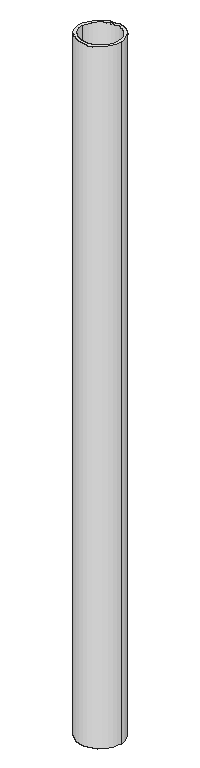
Revit family "CHS-원형 빈 단면-기둥", category 구조 기둥, Revit 2026
Family settings
  단면 모양 = 정의되지 않음
  모델 동작 재료 = 스틸
  항상 형상으로 내보내기 = 아니오
  평면의 보 전환 = 형상에서
  로드될 때 보이드를 사용하여 절단 = 아니오
  기호 표현 = 프로젝트 설정에서
  공유 = 아니오
  평면도에서 미리 절단된 패밀리 표시 = 예
Parameters (values of type "168.3x10CHS")
  Assembly Code = ""
  Structural Material [instance] = 금속 - 스틸 - 345 MPa
  A = 0.005 m²
  D = 168.3 mm
  Ix = 1564
  M = 39
  Zx = 186
  t = 10 mm
Reference planes
  plane 1 "중심(앞/뒤)": y = 0
  plane 2: z = 0
  plane 3 "중심(왼쪽/오른쪽)": x = 0
  plane 4: x = -84.15
  plane 5: x = 84.15
  plane 6: y = 84.15
  plane 7: y = -84.15
  plane 8: x = -74.15
  plane 9: x = 74.15
Forms (mm)
  Extrusion 1, solid, material "금속 - 스틸 - 345 MPa" <- "Structural Material", detail levels medium+fine
    sketch origin (0, 0, 0) x (1, 0, 0) y (0, 1, 0)
      loop
        circle (0, 0) r 84.15
      loop
        circle (0, 0) r 74.15
    from 0 to 2500
Lines and regions (mm)
  symbolic lines, style "StructuralColumnStickSymbols", detail levels coarse
    curve 1: arc (-84.15, 0, 0) -> (0, -84.15, 0) -> (84.15, 0, 0) r 84.15
    curve 2: arc (84.15, 0, 0) -> (0, 84.15, 0) -> (-84.15, 0, 0) r 84.15
Dimensions and locks
  equal spacing: plane 4, plane 3 "중심(왼쪽/오른쪽)", plane 5
  equal spacing: plane 7, plane 1 "중심(앞/뒤)", plane 6
  "D": plane 7 to plane 6
  "D": plane 4 to plane 5
  "t": plane 4 to plane 8
  "t": plane 9 to plane 5
  aligned and locked: level to Extrusion 1
  aligned and locked: level to plane 2
  aligned and locked: Extrusion 1 to plane 2
  aligned and locked: curve 1 to Extrusion 1
Automatic sketch dimensions
  Extrusion 1 sketch curve to plane 1 "중심(앞/뒤)" = 0 mm  (x2)
  Extrusion 1 sketch curve to plane 4 = 0 mm
  Extrusion 1 sketch curve to plane 8 = 0 mm
  Extrusion 1 sketch curve to plane 3 "중심(왼쪽/오른쪽)" = 0 mm  (x2)
